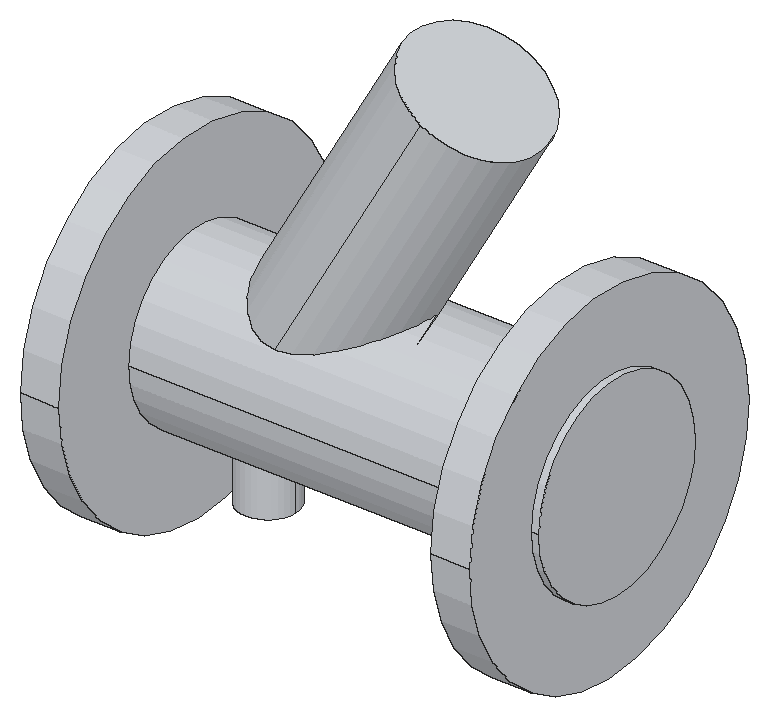
Revit family "HS 821-síto_jemné-PN16-DN040-RFA_2018", category Pipe Accessories, Revit 2018
Family settings
  Round Connector Dimension = Use Diameter
  Part Type = Breaks Into
  Work Plane-Based = No
  Always vertical = Yes
  Cut with Voids When Loaded = No
  Shared = No
Parameters (values of type "821A-DN040-PN16-síto_jemné")
  magiProductId = "d106917c74724141a10440112d0102"
  magiProductFamilyId = "79214ac3aaa945e397802f559f5c1e"
  magiPartTypeId = 307
  isMeasuringValve [instance] = no
  ang2D [instance] = 0.00°
  ZB__ve = -ZB  # -24.5 mm
  ZB1 = 34.02 mm
  ZB = 24.5 mm
  X2 = 75.777 mm
  X1 = 28 mm
  W2D = 15 mm
  VersionID = "2.0/2017.9.26.1/ZETKAMA_821_001"
  Use Minimum Symbol Size [instance] = yes
  URL = "www.hydronix.cz"
  Type Comments = "Filtr přírubový; síto jemné; A-PN16 (-10~300°C); D-PN25 (-10~350°C); F-PN40 (-10~400°C)"
  S = 84 mm
  QmdConnectorList = "301;D;302;D"
  Productdata [instance] = ""
  Manufacturer = "Hydronix"
  MC Product Code = "210 140 (821A; DN040; PN16; kvs36,6; oko síta 0,63mm)"
  LM1 = 16 mm
  LM = 160 mm
  L4 = 50 mm
  L2D_Min = 3048 mm
  L2D = 130 mm
  L2 = 100 mm
  HH2 = 131.25 mm
  FD = 150 mm
  Description = "Filtr přírubový; síto jemné; 821A-PN16; 821D-PN25; 821F-PN40"
  DM1 = 60 mm
  DM = 75.6 mm
  D = 40 mm
  CC = 3.4 mm
  CAT0 = yes
  C1 = 16.6 mm
  C = 20 mm
  BD = 23.814 mm
Types (40, lengths in mm): name | magiProductId | ZB__ve | ZB1 | ZB | X2 | X1 | S | MC Product Code | LM1 | LM | L4 | L2 | HH2 | FD | DM1 | DM | D | CC | C1 | C | BD
  821A-DN015-PN16-síto_jemné | "a71bcfe8b393460598b23e8ddf7dc5" | -16.25 | 18.63 | 16.25 | 46.982 | 18.2 | 46 | "210 115 (821A; DN015; PN16; kvs6,2; oko síta 0,63mm)" | 10.4 | 104 | 32.5 | 65 | 81.375 | 95 | 27.6 | 41.4 | 15 | 2.21 | 10.79 | 13 | 13.041
  821A-DN020-PN16-síto_jemné | "41cd6c7a12924f4991217528336076" | -17.75 | 22.68 | 17.75 | 51.673 | 21 | 56 | "210 120 (821A; DN020; PN16; kvs9,6; oko síta 0,63mm)" | 12 | 120 | 37.5 | 75 | 89.5 | 105 | 33.6 | 50.4 | 20 | 2.55 | 12.45 | 15 | 15.876
  821A-DN025-PN16-síto_jemné | "be378b463ed14c3abf4c9b3ae8cf3a" | -19.25 | 26.325 | 19.25 | 58.601 | 22.4 | 65 | "210 125 (821A; DN025; PN16; kvs14,2; oko síta 0,63mm)" | 12.8 | 128 | 40 | 80 | 101.5 | 115 | 43.2 | 58.5 | 25 | 2.72 | 13.28 | 16 | 18.427
  821A-DN032-PN16-síto_jemné | "227a0d18b21540afabe8b6067d35fa" | -23 | 30.78 | 23 | 68.849 | 25.2 | 76 | "210 132 (821A; DN032; PN16; kvs23,1; oko síta 0,63mm)" | 14.4 | 144 | 45 | 90 | 119.25 | 140 | 50.4 | 68.4 | 32 | 3.06 | 14.94 | 18 | 21.546
  821A-DN040-PN16-síto_jemné | "d106917c74724141a10440112d0102" | -24.5 | 34.02 | 24.5 | 75.777 | 28 | 84 | "210 140 (821A; DN040; PN16; kvs36,6; oko síta 0,63mm)" | 16 | 160 | 50 | 100 | 131.25 | 150 | 60 | 75.6 | 40 | 3.4 | 16.6 | 20 | 23.814
  821A-DN050-PN16-síto_jemné | "8255d456a09e4f6486734f5dd9171b" | -26.75 | 40.095 | 26.75 | 79.061 | 32.2 | 99 | "210 150 (821A; DN050 PN16; kvs53,7; oko síta 0,63mm)" | 18.4 | 184 | 57.5 | 115 | 136.938 | 165 | 73.8 | 89.1 | 50 | 3.91 | 19.09 | 23 | 28.066
  821A-DN065-PN16-síto_jemné | "235b1b3e4c0843779a4d5e3716d40a" | -29.75 | 47.79 | 29.75 | 86.927 | 40.6 | 118 | "210 165 (821A; DN065; PN16; kvs95,1; oko síta 0,63mm)" | 23.2 | 232 | 72.5 | 145 | 150.562 | 185 | 94.2 | 106.2 | 65 | 4.93 | 24.07 | 29 | 33.453
  821A-DN080-PN16-síto_jemné | "a067f7c5236348ed8c820d16df7214" | -32 | 53.46 | 32 | 104.753 | 43.4 | 132 | "210 180 (821A; DN080; PN16; kvs137,1; oko síta 0,63mm)" | 24.8 | 248 | 77.5 | 155 | 181.438 | 200 | 107.4 | 118.8 | 80 | 5.27 | 25.73 | 31 | 37.422
  821A-DN100-PN16-síto_jemné | "c49a648c2747461285837d643703cd" | -35 | 63.18 | 35 | 114.857 | 49 | 156 | "210 190 (821A; DN100; PN16; kvs206,4; oko síta 0,63mm)" | 28 | 280 | 87.5 | 175 | 198.937 | 220 | 131.4 | 140.4 | 100 | 5.95 | 29.05 | 35 | 44.226
  821A-DN125-PN16-síto_jemné | "bf68e728a163493cbd2a663b26ebdc" | -39.5 | 74.52 | 39.5 | 131.888 | 56 | 184 | "210 191 (821A; DN125; PN16; kvs268,8; oko síta 0,63mm)" | 32 | 320 | 100 | 200 | 228.438 | 250 | 165 | 165.6 | 125 | 6.8 | 33.2 | 40 | 52.164
  821A-DN150-PN16-síto_jemné | "2de770284b654863ae6bc865769dc5" | -44.75 | 85.455 | 44.75 | 155.885 | 67.2 | 211 | "210 192 (821A; DN150; PN16; kvs401,4; oko síta 0,63mm)" | 38.4 | 384 | 120 | 240 | 270 | 285 | 192 | 189.9 | 150 | 8.16 | 39.84 | 48 | 59.818
  821A-DN200-PN16-síto_jemné | "8e5693371ab64aabb29a7f08c76e15" | -53 | 107.73 | 53 | 188.361 | 84 | 266 | "210 193 (821A; DN200; PN16; kvs706,7; oko síta 0,63mm)" | 48 | 480 | 150 | 300 | 326.25 | 340 | 252 | 239.4 | 200 | 10.2 | 49.8 | 60 | 75.411
  821A-DN250-PN16-síto_jemné | "05e37ed948c34047acdd4c42556504" | -62.75 | 129.195 | 62.75 | 255.911 | 102.2 | 319 | "210 194 (821A; DN250; PN16; kvs1229,4; oko síta 0,63mm)" | 58.4 | 584 | 182.5 | 365 | 443.25 | 405 | 309.6 | 287.1 | 250 | 12.41 | 60.59 | 73 | 90.436
  821A-DN300-PN16-síto_jemné | "9ad0af747269428da925480d83ce80" | -71 | 149.85 | 71 | 325.914 | 119 | 370 | "210 195 (821A; DN300; PN16; kvs1902,4; oko síta 0,63mm)" | 68 | 680 | 212.5 | 425 | 564.5 | 460 | 369.6 | 333 | 300 | 14.45 | 70.55 | 85 | 104.895
  821A-DN350-PN16-síto_jemné | "eebc71459bb3451bb4355e7951370a" | -80 | 173.745 | 80 | 356.875 | 137.2 | 429 | "200 196 (821A; DN350; PN16; kvs2611,0; oko síta 0,63mm)" | 78.4 | 784 | 245 | 490 | 618.125 | 520 | 438 | 386.1 | 350 | 16.66 | 81.34 | 98 | 121.621
  821A-DN400-PN16-síto_jemné | "d2f677cb196647e385b2590e7d8abe" | -89 | 194.4 | 89 | 392.237 | 154 | 480 | "210 197 (821A; DN400; PN16; kvs3438,4; oko síta 0,63mm)" | 88 | 880 | 275 | 550 | 679.375 | 580 | 498 | 432 | 400 | 18.7 | 91.3 | 110 | 136.08
  821D-DN015-PN25-síto_jemné | "27ddcbf555414f8ca1fde329bf9087" | -16.25 | 18.63 | 16.25 | 46.982 | 18.2 | 46 | "210 215 (821D; DN015; PN25; kvs6,2; oko síta 0,63mm)" | 10.4 | 104 | 32.5 | 65 | 81.375 | 95 | 27.6 | 41.4 | 15 | 2.21 | 10.79 | 13 | 13.041
  821D-DN020-PN25-síto_jemné | "270e0f14012f47189cd0235c18faee" | -17.75 | 22.68 | 17.75 | 51.673 | 21 | 56 | "210 220 (821D; DN020; PN25; kvs9,6; oko síta 0,63mm)" | 12 | 120 | 37.5 | 75 | 89.5 | 105 | 33.6 | 50.4 | 20 | 2.55 | 12.45 | 15 | 15.876
  821D-DN025-PN25-síto_jemné | "b9a7fb4aa36643878c637d8e1ab992" | -19.25 | 26.325 | 19.25 | 58.601 | 22.4 | 65 | "210 225 (821D; DN025; PN25; kvs14,2; oko síta 0,63mm)" | 12.8 | 128 | 40 | 80 | 101.5 | 115 | 43.2 | 58.5 | 25 | 2.72 | 13.28 | 16 | 18.427
  821D-DN032-PN25-síto_jemné | "6be9a55c4e68400f94eec7e804204c" | -23 | 30.78 | 23 | 68.849 | 25.2 | 76 | "210 232 (821D; DN032; PN25; kvs23,1; oko síta 0,63mm)" | 14.4 | 144 | 45 | 90 | 119.25 | 140 | 50.4 | 68.4 | 32 | 3.06 | 14.94 | 18 | 21.546
  821D-DN040-PN25-síto_jemné | "c54511bd7f584ec2984291479612cb" | -24.5 | 34.02 | 24.5 | 75.777 | 28 | 84 | "210 240 (821D; DN040; PN25; kvs36,6; oko síta 0,63mm)" | 16 | 160 | 50 | 100 | 131.25 | 150 | 60 | 75.6 | 40 | 3.4 | 16.6 | 20 | 23.814
  821D-DN050-PN25-síto_jemné | "5483b1f596b04cd39b23a14a22c90e" | -26.75 | 40.095 | 26.75 | 79.061 | 32.2 | 99 | "210 250 (821D; DN050; PN25; kvs53,7; oko síta 0,63mm)" | 18.4 | 184 | 57.5 | 115 | 136.938 | 165 | 73.8 | 89.1 | 50 | 3.91 | 19.09 | 23 | 28.066
  821D-DN065-PN25-síto_jemné | "767b0f8318e94750bc7a9930ed5b30" | -29.75 | 47.79 | 29.75 | 86.927 | 40.6 | 118 | "210 265 (821D; DN065; PN25; kvs95,1; oko síta 0,63mm)" | 23.2 | 232 | 72.5 | 145 | 150.562 | 185 | 94.2 | 106.2 | 65 | 4.93 | 24.07 | 29 | 33.453
  821D-DN080-PN25-síto_jemné | "e21040fa3cc2404b858198f6b73709" | -32 | 53.46 | 32 | 104.753 | 43.4 | 132 | "210 280 (821D; DN080; PN25; kvs137,1; oko síta 0,63mm)" | 24.8 | 248 | 77.5 | 155 | 181.438 | 200 | 107.4 | 118.8 | 80 | 5.27 | 25.73 | 31 | 37.422
  821D-DN100-PN25-síto_jemné | "175ca87a506b40b3bc6b82f12f33cf" | -37.25 | 63.18 | 37.25 | 114.857 | 49 | 156 | "210 290 (821D; DN100; PN25; kvs206,4; oko síta 0,63mm)" | 28 | 280 | 87.5 | 175 | 198.937 | 235 | 131.4 | 140.4 | 100 | 5.95 | 29.05 | 35 | 44.226
  821D-DN125-PN25-síto_jemné | "77cc98d60da24855999a22dff726b2" | -42.5 | 74.52 | 42.5 | 131.888 | 56 | 184 | "210 291 (821D; DN125; PN25; kvs268,8; oko síta 0,63mm)" | 32 | 320 | 100 | 200 | 228.438 | 270 | 165 | 165.6 | 125 | 6.8 | 33.2 | 40 | 52.164
  821D-DN150-PN25-síto_jemné | "9cf8acfcd15547d68e83172d3abcbe" | -47 | 85.455 | 47 | 155.885 | 67.2 | 211 | "210 292 (821D; DN150; PN25; kvs401,4; oko síta 0,63mm)" | 38.4 | 384 | 120 | 240 | 270 | 300 | 192 | 189.9 | 150 | 8.16 | 39.84 | 48 | 59.818
  821D-DN200-PN25-síto_jemné | "16973f3c9ea14389ba8602495a6b64" | -56 | 110.97 | 56 | 188.361 | 84 | 274 | "210 293 (821D; DN200; PN25; kvs706,7; oko síta 0,63mm)" | 48 | 480 | 150 | 300 | 326.25 | 360 | 252 | 246.6 | 200 | 10.2 | 49.8 | 60 | 77.679
  821F-DN015-PN40-síto_jemné | "4c7eaf3c4c0340888b3e684d8a8616" | -16.25 | 18.225 | 16.25 | 46.982 | 18.2 | 45 | "250 615 (821F; DN015; PN40; kvs6,2; oko síta 0,63mm)" | 10.4 | 104 | 32.5 | 65 | 81.375 | 95 | 27.6 | 40.5 | 15 | 2.21 | 10.79 | 13 | 12.757
  821F-DN020-PN40-síto_jemné | "aaac5f1ec96b44d6ba96ac2293d66d" | -17.75 | 23.49 | 17.75 | 51.673 | 21 | 58 | "250 620 (821F; DN020; PN40; kvs9,6; oko síta 0,63mm)" | 12 | 120 | 37.5 | 75 | 89.5 | 105 | 33.6 | 52.2 | 20 | 2.55 | 12.45 | 15 | 16.443
  821F-DN025-PN40-síto_jemné | "504768023968471481789485b54c7e" | -19.25 | 27.54 | 19.25 | 58.601 | 22.4 | 68 | "250 625 (821F; DN025; PN40; kvs14,2; oko síta 0,63mm)" | 12.8 | 128 | 40 | 80 | 101.5 | 115 | 43.2 | 61.2 | 25 | 2.72 | 13.28 | 16 | 19.278
  821F-DN032-PN40-síto_jemné | "165e7f39cf744f329bdf1c400dad12" | -23 | 31.59 | 23 | 68.849 | 25.2 | 78 | "250 632 (821F; DN032; PN40; kvs23,1; oko síta 0,63mm)" | 14.4 | 144 | 45 | 90 | 119.25 | 140 | 50.4 | 70.2 | 32 | 3.06 | 14.94 | 18 | 22.113
  821F-DN040-PN40-síto_jemné | "b8903f952089408fbf3a5a632bab1f" | -24.5 | 35.64 | 24.5 | 75.777 | 28 | 88 | "250 640 (821F; DN040; PN40; kvs36,6; oko síta 0,63mm)" | 16 | 160 | 50 | 100 | 131.25 | 150 | 60 | 79.2 | 40 | 3.4 | 16.6 | 20 | 24.948
  821F-DN050-PN40-síto_jemné | "c451f97266fe48da8f879cb6a2bd44" | -26.75 | 41.31 | 26.75 | 79.061 | 32.2 | 102 | "250 650 (821F; DN050; PN40; kvs53,7; oko síta 0,63mm)" | 18.4 | 184 | 57.5 | 115 | 136.938 | 165 | 73.8 | 91.8 | 50 | 3.91 | 19.09 | 23 | 28.917
  821F-DN065-PN40-síto_jemné | "dc9821e3f9b34e128f6a8c6b34c198" | -29.75 | 49.41 | 29.75 | 86.927 | 40.6 | 122 | "250 665 (821F; DN065; PN40; kvs95,1; oko síta 0,63mm)" | 23.2 | 232 | 72.5 | 145 | 150.562 | 185 | 94.2 | 109.8 | 65 | 4.93 | 24.07 | 29 | 34.587
  821F-DN080-PN40-síto_jemné | "689aa1e260f84cf4994f027a1d86b5" | -32 | 55.89 | 32 | 104.753 | 43.4 | 138 | "250 680 (821F; DN080; PN40; kvs137,1; oko síta 0,63mm)" | 24.8 | 248 | 77.5 | 155 | 181.438 | 200 | 107.4 | 124.2 | 80 | 5.27 | 25.73 | 31 | 39.123
  821F-DN100-PN40-síto_jemné | "8a45d4e8e2ab425f8c432f21d684f3" | -37.25 | 65.61 | 37.25 | 114.857 | 49 | 162 | "250 690 (821F; DN100; PN40; kvs206,4; oko síta 0,63mm)" | 28 | 280 | 87.5 | 175 | 198.937 | 235 | 131.4 | 145.8 | 100 | 5.95 | 29.05 | 35 | 45.927
  821F-DN125-PN40-síto_jemné | "cf073904c006406b8645afa67ea2fc" | -42.5 | 76.14 | 42.5 | 131.888 | 56 | 188 | "250 691 (821F; DN125; PN40; kvs268,8; oko síta 0,63mm)" | 32 | 320 | 100 | 200 | 228.438 | 270 | 165 | 169.2 | 125 | 6.8 | 33.2 | 40 | 53.298
  821F-DN150-PN40-síto_jemné | "0153b9ddabe14992a630484929fdbc" | -47 | 88.29 | 47 | 155.885 | 67.2 | 218 | "250 692 (821F; DN150; PN40; kvs401,4; oko síta 0,63mm)" | 38.4 | 384 | 120 | 240 | 270 | 300 | 192 | 196.2 | 150 | 8.16 | 39.84 | 48 | 61.803
  821F-DN200-PN40-síto_jemné | "7fb3fc01dd8d42428c203e3f8dd4d5" | -56 | 115.425 | 56 | 188.361 | 84 | 285 | "250 693 (821F; DN200; PN40; kvs706,7; oko síta 0,63mm)" | 48 | 480 | 150 | 300 | 326.25 | 360 | 252 | 256.5 | 200 | 10.2 | 49.8 | 60 | 80.797
Reference planes
  plane 1 "Center (Front/Back)": y = 0
  plane 2 "XYPLANE": z = 0
  plane 3 "Center (Left/Right)": x = 0
  plane 4 "109": x = -64
  plane 5 "108": x = 80
  plane 6 "107": x = -80
  plane 7 "105": x = 100
  plane 8 "104": x = -100
  plane 9 "103": y = 0
  plane 10 "102": z = 0
  plane 11 "101": x = -96.6
  plane 12 "100": x = 96.6
  plane 13 "11": x = -36
  plane 14 "10": z = 131.25
  plane 15 "9": x = 39.777
  plane 16 "5": z = -34.02
  plane 17 "4": x = -50
  plane 18 "1": x = 50
Forms (mm)
  Extrusion 1, solid, visible <- "CAT0"
    sketch origin (-80, -750, 0) x (0, 1, 0) y (0, 0, 1)
      loop
        circle (750, 0) r 37.8
    from 0 to 160 <- "LM"
  Extrusion 2, solid
    sketch origin (-100, -750, 0) x (0, 1, 0) y (0, 0, 1)
      loop
        circle (750, 0) r 42
    from 0 to 3.4 <- "CC"
  Extrusion 3, solid
    sketch origin (-96.6, -750, 0) x (0, 1, 0) y (0, 0, 1)
      loop
        circle (750, 0) r 75
    from 0 to 16.6 <- "C1"
  Extrusion 4, solid
    sketch origin (80, -750, 0) x (0, 1, 0) y (0, 0, 1)
      loop
        circle (750, 0) r 75
    from 0 to 16.6 <- "C1"
  Extrusion 5, solid
    sketch origin (96.6, -750, 0) x (0, 1, 0) y (0, 0, 1)
      loop
        circle (750, 0) r 42
    from 0 to 3.4 <- "CC"
  Sweep 6, solid, visible <- "CAT0"
    path origin (750, 0, 0) x (-1, 0, 0) y (0, 0, 1)
      loop
        line (830, 0) -> (786, 0) -> (710.223, 131.25)
    profile origin (-80, 0, 0) x (0, 0, -1) y (0, 1, 0)
      loop
        circle (0, 0) r 30
  Extrusion 7, solid, visible <- "CAT0"
    sketch origin (-750, 0, -34.02) x (1, 0, 0) y (0, 1, 0)
      loop
        circle (700, 0) r 11.907
    from 0 to -24.5 <- "ZB__ve"
  Extrusion 8, solid, visible <- "CAT0"
    sketch origin (-750, 0, -34.02) x (1, 0, 0) y (0, 1, 0)
      loop
        circle (800, 0) r 11.907
    from 0 to -24.5 <- "ZB__ve"
  Extrusion 9, solid, not visible
    sketch origin (100, -750, 0) x (0, 1, 0) y (0, 0, 1)
      loop
        circle (750, 0) r 10
    from 0 to -10
  Extrusion 10, solid, not visible
    sketch origin (-100, -750, 0) x (0, 1, 0) y (0, 0, 1)
      loop
        circle (750, 0) r 10
    from 0 to 10
Lines and regions (mm)
  reference lines, not visible
    curve 1: circle (2, 2, 0) r 1 normal (0, 0, 1)
Dimensions and locks
  plane 1 "Center (Front/Back)" to curve 1 = 2 mm
  "LM1": plane 6 "107" to plane 4 "109"
  "LM": plane 6 "107" to plane 5 "108"
  "C": plane 8 "104" to plane 6 "107"
  "L2": plane 3 "Center (Left/Right)" to plane 7 "105"
  "L2": plane 3 "Center (Left/Right)" to plane 8 "104"
  locked: plane 1 "Center (Front/Back)" to plane 9 "103"
  locked: plane 2 "XYPLANE" to plane 10 "102"
  "CC": plane 8 "104" to plane 11 "101"
  "C1": plane 5 "108" to plane 12 "100"
  "X1": plane 4 "109" to plane 13 "11"
  "HH2": plane 2 "XYPLANE" to plane 14 "10"
  "X2": plane 13 "11" to plane 15 "9"
  "ZB1": plane 2 "XYPLANE" to plane 16 "5"
  "L4": plane 8 "104" to plane 17 "4"
  "L2": plane 17 "4" to plane 18 "1"
  Sweep 6 sketch curve to Sweep 6 sketch curve = 0 mm  (x2)
  "DM": diameter of Extrusion 1 sketch curve
  "S": diameter of Extrusion 2 sketch curve
  "FD": diameter of Extrusion 3 sketch curve
  "FD": diameter of Extrusion 4 sketch curve
  "S": diameter of Extrusion 5 sketch curve
  "DM1": diameter of Sweep 6 sketch curve
  "BD": diameter of Extrusion 7 sketch curve
  "BD": diameter of Extrusion 8 sketch curve
  aligned and locked: level to plane 2 "XYPLANE"
  aligned and locked: Extrusion 1 sketch curve to plane 9 "103"
  aligned and locked: plane 10 "102" to Extrusion 1 sketch curve
  aligned and locked: Extrusion 2 sketch curve to plane 9 "103"
  aligned and locked: plane 10 "102" to Extrusion 2 sketch curve
  aligned and locked: Extrusion 3 sketch curve to plane 9 "103"
  aligned and locked: plane 10 "102" to Extrusion 3 sketch curve
  aligned and locked: Extrusion 4 sketch curve to plane 9 "103"
  aligned and locked: plane 10 "102" to Extrusion 4 sketch curve
  aligned and locked: Extrusion 5 sketch curve to plane 9 "103"
  aligned and locked: plane 10 "102" to Extrusion 5 sketch curve
  aligned and locked: Sweep 6 sketch curve to plane 9 "103"
  aligned and locked: plane 10 "102" to Sweep 6 sketch curve  (x3)
  aligned and locked: plane 6 "107" to Sweep 6 sketch curve
  aligned and locked: plane 13 "11" to Sweep 6 sketch curve
  aligned and locked: plane 14 "10" to Sweep 6 sketch curve
  aligned and locked: plane 15 "9" to Sweep 6 sketch curve
  aligned and locked: plane 9 "103" to Extrusion 7 sketch curve
  aligned and locked: plane 17 "4" to Extrusion 7 sketch curve
  aligned and locked: plane 9 "103" to Extrusion 8 sketch curve
  aligned and locked: plane 18 "1" to Extrusion 8 sketch curve
  aligned and locked: Extrusion 9 sketch curve to plane 9 "103"
  aligned and locked: plane 10 "102" to Extrusion 9 sketch curve
  aligned and locked: Extrusion 10 sketch curve to plane 9 "103"
  aligned and locked: plane 10 "102" to Extrusion 10 sketch curve
Automatic sketch dimensions
  plane 1 "Center (Front/Back)" to Extrusion 9 sketch curve = 10 mm
  plane 1 "Center (Front/Back)" to Extrusion 10 sketch curve = 10 mm
  plane 3 "Center (Left/Right)" to curve 1 = 2 mm
  radius of curve 1 = 1 mm
Connectors
  piping at (-100, 0, 0), diameter 40, driven by "D"
    settings: on Extrusion 10, index 1, connector inside diameter 609.6 mm, connector length 0 mm, flow factor 0, pipe flow 0.0 L/s, pressure drop 0.0 Pa, fitting loss kfactor 0, connector angle 0.00°, fixture units 0, engagement length 0 mm, angle of deflection 0.00°, flow configuration 0, flow direction 0, fitting loss method 0, system type 29, joint type 0, gender type 0, connector reference index 2, connector utility 0, adjustable connector no, is connector primary yes, connector description ""
  piping at (100, 0, 0), diameter 40, driven by "D"
    settings: on Extrusion 9, index 2, connector inside diameter 609.6 mm, connector length 0 mm, flow factor 0, pipe flow 0.0 L/s, pressure drop 0.0 Pa, fitting loss kfactor 0, connector angle 0.00°, fixture units 0, engagement length 0 mm, angle of deflection 0.00°, flow configuration 0, flow direction 0, fitting loss method 0, system type 29, joint type 0, gender type 0, connector reference index 1, connector utility 0, adjustable connector no, is connector primary no, connector description ""
